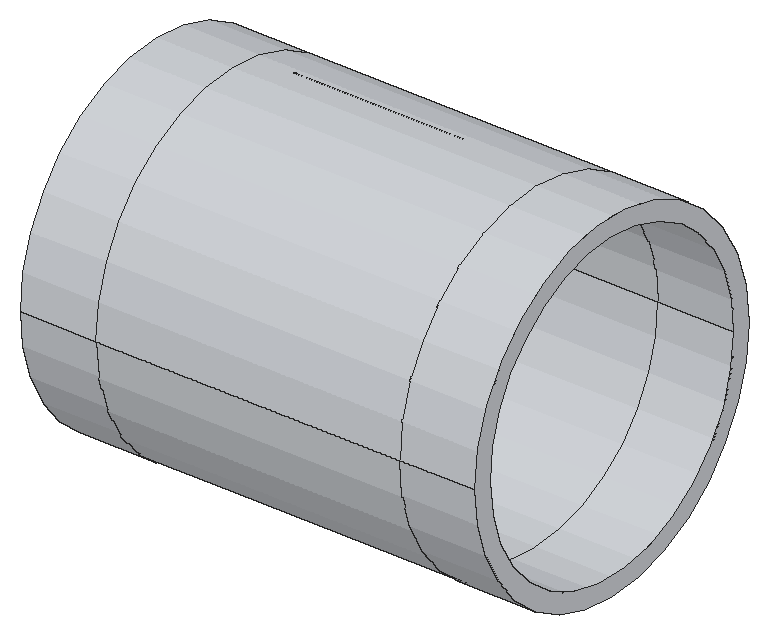
Revit family "Anvil DI 7090 Di-Elec Nipple MPT x MPT", category Pipe Fittings, Revit 2017
Family settings
  Round Connector Dimension = Use Radius
  Part Type = Union
  OmniClass Number = 23.60.30.11.14
  OmniClass Title = Pipework Fittings
  Work Plane-Based = No
  Always vertical = Yes
  Cut with Voids When Loaded = No
  Shared = No
Parameters (values of type "Anvil DI")
  Weight [instance] = ""
  Watermarked By = ""
  URL = "http://www.building-data.net/PDFStore/Imperial/V3/Anvil/GruvlokMechanicalPipingProducts-Anvil.pdf"
  Tick2 [instance] = PipeOD2  # 2.2500"
  Tick1 [instance] = PipeOD1  # 2.2500"
  Spool Tag [instance] = ""
  PurchasedFitting [instance] = no
  Product Description = "Anvil DI 7090 Nipple"
  PipeOD2 [instance] = size_lookup(Lookup Table Name, "PipeOD2", Diameter2, (Diameter1), (Diameter2)) / 2  # 2.2500"
  PipeOD1 [instance] = size_lookup(Lookup Table Name, "PipeOD1", Diameter1, (Diameter1), (Diameter2)) / 2  # 2.2500"
  PipeID2 [instance] = size_lookup(Lookup Table Name, "PipeID2", Diameter2, (Diameter1), (Diameter2)) / 2  # 2.0130"
  PipeID1 [instance] = size_lookup(Lookup Table Name, "PipeID1", Diameter1, (Diameter1), (Diameter2)) / 2  # 2.0130"
  Piece Number [instance] = 0
  Order = "7090"
  Notes [instance] = ""
  Nominal Size [instance] = ""
  Nom Radius2 [instance] = 2.0000"
  Nom Radius1 [instance] = 2.0000"
  Manufacturer Name = "Anvil"
  Male2 [instance] = HID2 = PipeID2  # yes
  Male1 [instance] = HID1 = PipeID1  # yes
  Loss Method = K Coefficient from Table
  Lookup Table Name = "Anvil DI 7090 Nipple MPT x MPT"
  K Coefficient Table = "Reducer/Coupling/Union/Increaser"
  Item Number [instance] = ""
  ID = "2424448187035611"
  Group Number [instance] = ""
  Ext2 [instance] = size_lookup(Lookup Table Name, "Ext2", Diameter2, (Diameter1), (Diameter2))  # 1.0000"
  Ext1 [instance] = size_lookup(Lookup Table Name, "Ext1", Diameter1, (Diameter1), (Diameter2))  # 1.0000"
  Pipe Length [instance] = size_lookup(Lookup Table Name, "Pipe Length", Diameter1, (Diameter1), (Diameter2))  # 6.0000"
  HOD2 [instance] = size_lookup(Lookup Table Name, "HOD2", Diameter2, (Diameter1), (Diameter2)) / 2  # 2.2500"
  HOD1 [instance] = size_lookup(Lookup Table Name, "HOD1", Diameter1, (Diameter1), (Diameter2)) / 2  # 2.2500"
  HID2 [instance] = size_lookup(Lookup Table Name, "HID2", Diameter2, (Diameter1), (Diameter2)) / 2  # 2.0130"
  HID1 [instance] = size_lookup(Lookup Table Name, "HID1", Diameter1, (Diameter1), (Diameter2)) / 2  # 2.0130"
  Diameter2 [instance] = Nom Radius2 * 2  # 4.0000"
  Diameter1 [instance] = Nom Radius1 * 2  # 4.0000"
  Connector2 [instance] = if(Male2, Ext2, 0.0000")  # 1.0000"
  Connector1 [instance] = if(Male1, Ext1, 0.0000")  # 1.0000"
  BDW = "Copyright Building Data, LLC - All rights reserved"
  Allow Slope Adjustments [instance] = yes
  24DWS [instance] = ""
  24DLB [instance] = ""
  24C15 [instance] = "MGvSiAOHIAdz+vyfUT/Fgg=="
Reference planes (in)
  plane 1 "Center (Front/Back)": y = 0
  plane 2: z = 0
  plane 3 "Center (Left/Right)": x = 0
  plane 4: x = -2
  plane 5: x = 2
  plane 6: x = -3
  plane 7: x = 3
  plane 8: x = -3
  plane 9: x = 3
Forms (in)
  Extrusion 1, solid, detail levels fine
    sketch origin (-3, -8.57891, 47.24409) x (0, -1, 0) y (0, 0, 1)
      loop
        circle (-8.57891, -47.24409) r 2.25
    from -1 to 0
  Extrusion 2, solid, detail levels fine
    sketch origin (-3, -8.57891, 47.24409) x (0, -1, 0) y (0, 0, 1)
      loop
        circle (-8.57891, -47.24409) r 2.25
    from -6 to -5
  Blend 3, solid, detail levels fine
    base sketch origin (-3, -8.57891, 47.24409) x (0, -1, 0) y (0, 0, 1)
      loop
        circle (-8.57891, -47.24409) r 2.25
    top sketch origin (-3, -8.57891, 47.24409) x (0, -1, 0) y (0, 0, 1)
      loop
        circle (-8.57891, -47.24409) r 2.25
    from -1 to -5
  Extrusion 4, void
    sketch origin (-6.73068, -8.57891, 47.24409) x (0, 1, 0) y (0, 0, 1)
      loop
        circle (8.57891, -47.24409) r 2.013
    from 4.73068 to 3.73068
  Extrusion 5, void
    sketch origin (-6.73068, -8.57891, 47.24409) x (0, 1, 0) y (0, 0, 1)
      loop
        circle (8.57891, -47.24409) r 2.013
    from 8.73068 to 9.73068
  Blend 6, void
    base sketch origin (-3, -8.57891, 47.24409) x (0, 1, 0) y (0, 0, 1)
      loop
        circle (8.57891, -47.24409) r 2.013
    top sketch origin (-3, -8.57891, 47.24409) x (0, 1, 0) y (0, 0, 1)
      loop
        circle (8.57891, -47.24409) r 2.013
    from 1 to 5
Cuts and joins
  Extrusion 4, Extrusion 5 cuts Extrusion 1
  Extrusion 5 cuts Extrusion 2
  Extrusion 4, Extrusion 5, Blend 6 cuts Blend 3
  joined: Extrusion 1, Extrusion 2, Blend 3
Lines and regions (in)
  model lines, detail levels coarse+medium
    curve 1: line (-3, 0, 0) -> (3, 0, 0)
    curve 2: line (-3, -1.125, 0) -> (-3, 1.125, 0)
    curve 3: line (3, -1.125, 0) -> (3, 1.125, 0)
Dimensions and locks (in)
  "Ext1": plane 6 to plane 4
  "Ext2": plane 5 to plane 7
  "Pipe Length": plane 6 to plane 7
  equal spacing: curve 2, plane 1 "Center (Front/Back)", curve 2
  "Tick1": curve 2 to curve 2
  equal spacing: curve 3, plane 1 "Center (Front/Back)", curve 3
  "Tick2": curve 3 to curve 3
  equal spacing: plane 8, plane 3 "Center (Left/Right)", plane 9
  "Connector1": plane 8 to plane 4
  "Connector2": plane 5 to plane 9
  "HOD1": radius of Extrusion 1 sketch curve
  "HOD2": radius of Extrusion 2 sketch curve
  "PipeOD1": radius of Blend 3 sketch curve
  "PipeOD2": radius of Blend 3 sketch curve
  "HID1": radius of Extrusion 4 sketch curve
  "HID2": radius of Extrusion 5 sketch curve
  "PipeID1": radius of Blend 6 sketch curve
  "PipeID2": radius of Blend 6 sketch curve
  aligned and locked: level to plane 2
  aligned and locked: Extrusion 1 to plane 4
  aligned and locked: Extrusion 2 to plane 7
  aligned and locked: plane 5 to Extrusion 2
  aligned and locked: Blend 3 to plane 4
  aligned and locked: Blend 3 to plane 5
  aligned and locked: plane 1 "Center (Front/Back)" to curve 1
  aligned and locked: plane 8 to curve 1
  aligned and locked: curve 3 to plane 9
  aligned and locked: curve 2 to plane 8
  aligned and locked: Extrusion 4 to plane 4
  aligned and locked: Extrusion 5 to plane 7
  aligned and locked: plane 5 to Extrusion 5
  aligned and locked: Blend 6 to plane 5
  aligned and locked: plane 4 to Blend 6
  aligned and locked: plane 6 to Extrusion 4
Automatic sketch dimensions
  Extrusion 1 sketch curve to level = 0.0000"
  Extrusion 1 sketch curve to plane 1 "Center (Front/Back)" = 0.0000"
  Extrusion 2 sketch curve to level = 0.0000"
  Extrusion 2 sketch curve to plane 1 "Center (Front/Back)" = 0.0000"
  Blend 3 sketch curve to level = 0.0000"  (x2)
  Blend 3 sketch curve to plane 1 "Center (Front/Back)" = 0.0000"  (x2)
  Extrusion 4 sketch curve to level = 0.0000"
  Extrusion 4 sketch curve to plane 1 "Center (Front/Back)" = 0.0000"
  Extrusion 5 sketch curve to level = 0.0000"
  Extrusion 5 sketch curve to plane 1 "Center (Front/Back)" = 0.0000"
  Blend 6 sketch curve to level = 0.0000"  (x2)
  Blend 6 sketch curve to plane 1 "Center (Front/Back)" = 0.0000"  (x2)
Connectors (in)
  piping at (-3, 0, 0), diameter 4, driven by "Nom Radius1", driven by "Allow Slope Adjustments"
    settings: on curve 1, index 1, connector inside diameter 4.0000", connector length 0.0000", flow factor 0, pipe flow 0.0 GPM, pressure drop 0.0 psi, fitting loss kfactor 0, connector angle 0.00°, fixture units 0, engagement length 0.0000", angle of deflection 0.00°, flow configuration 0, flow direction 0, fitting loss method 2, system type 28, joint type 0, gender type 0, connector reference index -1, connector utility 0, adjustable connector yes, is connector primary yes, connector description ""
  piping at (3, 0, 0), diameter 4, driven by "Nom Radius2", driven by "Allow Slope Adjustments"
    settings: on curve 1, index 2, connector inside diameter 4.0000", connector length 0.0000", flow factor 0, pipe flow 0.0 GPM, pressure drop 0.0 psi, fitting loss kfactor 0, connector angle 0.00°, fixture units 0, engagement length 0.0000", angle of deflection 0.00°, flow configuration 0, flow direction 0, fitting loss method 2, system type 28, joint type 0, gender type 0, connector reference index -1, connector utility 0, adjustable connector yes, is connector primary no, connector description ""
